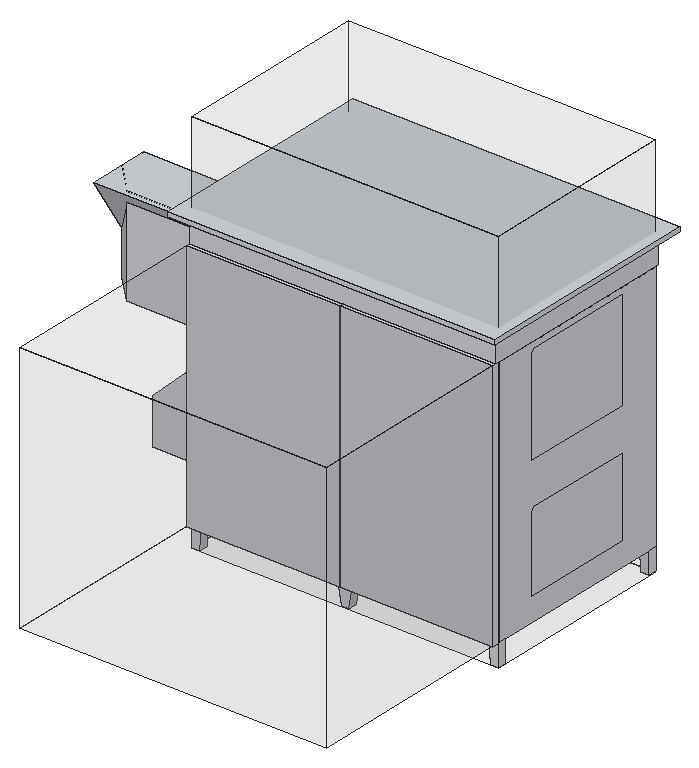
Revit family "AHU 3 _6", category Mechanické zařízení, Revit 2018
Family settings
  Kóta kulaté spojky = Použít průměr
  Typ dílu = Normální
  Číslo OmniClass = 23.75.00.00
  Nadpis OmniClass = Climate Control (HVAC)
  Založené na pracovní rovině = Ne
  Vždy vertikální = Ano
  Ořezat dutým tvarem při načtení = Ne
  Sdílené = Ne
  Bod výpočtu místnosti = Ne
Parameters (values of type "DUPLEXVENT Flexi (3G) DV6000 (RD5)")
  Width [instance] = 1.295 mm
  Weight [instance] = 615.00 kg
  URL = ""
  Type [instance] = "DUPLEXVENT Flexi (3G) DV6000 (RD5)"
  Total_SFP [instance] = 0
  Supply_outlet_hum [instance] = 25.2
  Supply_inlet_hum [instance] = 90
  Supply_ext_pressure [instance] = 200.0 Pa
  Supply_SFP [instance] = 0
  Source_adu_file [instance] = "C:\\\\Users\\\\dgavril\\\\OneDrive - Airflow Developments Ltd\\\\Desktop\\\\adu durley chine V4.adu"
  Recuperation_type [instance] = "Plate heat recovery exchanger"
  Recuperation_efficiency_EN308 [instance] = 82.5
  Project_name [instance] = "Durley Chine Passivhaus"
  Project_date [instance] = "13-08-2021"
  Power_supply_fusing [instance] = "0"
  Power_supply_cable [instance] = "0"
  Position [instance] = "AHU 3 "
  Phases_count [instance] = 3
  Panel_thickness [instance] = 0.06 mm
  Outer_surface [instance] = "RAL 9002"
  Length [instance] = 1.95 mm
  Insulation_type [instance] = "PUR"
  Insulation_thickness [instance] = 0.05 mm
  Installation_environment [instance] = ""
  Input_power_max [instance] = 6600 W
  Inner_surface [instance] = "Pozink"
  I2 [instance] = I1  # 0.0 L/s
  Height [instance] = 1.6 mm
  Exhaust_outlet_hum [instance] = 96.6
  Exhaust_inlet_hum [instance] = 40
  Exhaust_ext_pressure [instance] = 200.0 Pa
  Exhaust_SFP [instance] = 0
  E1 [instance] = E2 - M1  # 0.0 L/s
  E2 [instance] = 0.0 L/s
  I1 [instance] = 0.0 L/s
  Description = ""
  M1 [instance] = 0.0 L/s
  Device_dutypoint_version [instance] = "44"
  Device_design_version [instance] = "128"
  Device_adu_id [instance] = "6"
  Current_max [instance] = 10.8 A
  Casing_mat [instance] = "painted zinc layer"
  Cable type [instance] = "CYKY 5Jx2,5"
Reference planes
  plane 1 "Střed (vpředu/vzadu)": y = 0
  plane 2 "ref": z = 0
  plane 3 "Střed (vlevo/vpravo)": x = 0
Forms (mm)
  Sweep 1, solid
    path origin (0, 0, 0) x (0, 0, 1) y (1, 0, 0)
      loop
        line (0, 0) -> (1600, 0)
    profile origin (0, 0, 0) x (1, 0, 0) y (0, 1, 0)
      loop
        line (0, 0) -> (1950, 0) -> (1950, 1250) -> (0, 1250) -> (0, 0)
  Sweep 2, solid
    path origin (0, 0, 0) x (0, 0, 1) y (1, 0, 0)
      loop
        line (0, 0) -> (1600, 0)
    profile origin (0, 0, 0) x (1, 0, 0) y (0, 1, 0)
      loop
        line (0, 0) -> (0, -45) -> (1950, -45) -> (1950, 0) -> (0, 0)
  Sweep 3, solid
    path origin (-233, 980, 400) x (1, 0, 0) y (0, 1, 0)
      loop
        line (0, 0) -> (0, -710)
    profile origin (-233, 980, 400) x (1, 0, 0) y (0, 0, 1)
      loop
        line (233, 250) -> (-23, 250) -> (-233, 41) -> (-233, -250) -> (233, -250) -> (233, 250)
  Sweep 4, solid
    path origin (0, 0, 150) x (0, 0, 1) y (1, 0, 0)
      loop
        line (0, 0) -> (500, 0)
    profile origin (0, 0, 150) x (1, 0, 0) y (0, 1, 0)
      loop
        line (-1, 270) -> (0, 270) -> (0, 980) -> (-1, 980) -> (-1, 270)
  Sweep 5, solid
    path origin (1949, 625, 1240) x (1, 0, 0) y (0, 1, 0)
      loop
        line (0, 0) -> (1, 0)
    profile origin (1949, 625, 1240) x (0, 1, 0) y (0, 0, 1)
      loop
        line (-355, 315) -> (-355, -315) -> (355, -315) -> (355, 315) -> (-355, 315)
  Sweep 6, solid
    path origin (1949, 625, 400) x (1, 0, 0) y (0, 1, 0)
      loop
        line (0, 0) -> (1, 0)
    profile origin (1949, 625, 400) x (0, 1, 0) y (0, 0, 1)
      loop
        line (-355, 250) -> (-355, -250) -> (355, -250) -> (355, 250) -> (-355, 250)
  Sweep 7, solid
    path origin (-405, 625, 925) x (0, 0, 1) y (1, 0, 0)
      loop
        line (0, 0) -> (630, 0)
    profile origin (-405, 625, 925) x (1, 0, 0) y (0, 1, 0)
      loop
        line (405, 355) -> (203, 355) -> (203, -5) -> (-405, -5) -> (-405, -177) -> (-228, -355) -> (405, -355) -> (405, 355)
  Sweep 8, solid
    path origin (-203, 625, 1240) x (0, 1, 0) y (-1, 0, 0)
      loop
        line (0, 0) -> (0, 608)
    profile origin (-203, 625, 1240) x (0, -1, 0) y (0, 0, 1)
      loop
        line (-5, -315) -> (395, 315) -> (-5, 315) -> (-5, -315)
  Sweep 9, solid
    path origin (0, 0, 925) x (0, 0, 1) y (1, 0, 0)
      loop
        line (0, 0) -> (630, 0)
    profile origin (0, 0, 925) x (1, 0, 0) y (0, 1, 0)
      loop
        line (-1, 270) -> (0, 270) -> (0, 980) -> (-1, 980) -> (-1, 270)
  Sweep 10, solid
    path origin (0, 0, 1775) x (0, 0, 1) y (1, 0, 0)
      loop
        line (0, 0) -> (25, 0)
    profile origin (0, 0, 1775) x (1, 0, 0) y (0, 1, 0)
      loop
        line (-65, -110) -> (2015, -110) -> (2015, 1360) -> (-65, 1360) -> (-65, -110)
  Sweep 11, solid
    path origin (0, 0, 1600) x (0, 0, 1) y (1, 0, 0)
      loop
        line (0, 0) -> (175, 0)
    profile origin (0, 0, 1600) x (1, 0, 0) y (0, 1, 0)
      loop
        line (0, -22) -> (1950, -22) -> (1950, 1272) -> (0, 1272) -> (0, -22)
  Sweep 12, solid
    path origin (750, 662, 0) x (0, -1, 0) y (0, 0, 1)
      loop
        line (0, 0) -> (0, -30)
    profile origin (750, 662, 0) x (-1, 0, 0) y (0, -1, 0)
      loop
        circle (0, 0) r 16
  Sweep 13, solid, material "Servisní prostor"
    path origin (0, 0, 0) x (0, 0, 1) y (1, 0, 0)
      loop
        line (0, 0) -> (1600, 0)
    profile origin (0, 0, 0) x (1, 0, 0) y (0, 1, 0)
      loop
        line (0, -1370) -> (1950, -1370) -> (1950, -45) -> (0, -45) -> (0, -1370)
  Sweep 14, solid, material "Servisní prostor"
    path origin (0, 0, 1600) x (0, 0, 1) y (1, 0, 0)
      loop
        line (0, 0) -> (720, 0)
    profile origin (0, 0, 1600) x (1, 0, 0) y (0, 1, 0)
      loop
        line (0, 0) -> (1950, 0) -> (1950, 1250) -> (0, 1250) -> (0, 0)
  Sweep 15, solid, material "Servisní prostor"
    path origin (0, 0, -150) x (0, 0, 1) y (1, 0, 0)
      loop
        line (0, 0) -> (150, 0)
    profile origin (0, 0, -150) x (1, 0, 0) y (0, 1, 0)
      loop
        line (0, 1250) -> (0, 0) -> (1950, 0) -> (1950, 1250) -> (0, 1250)
  Sweep 16, solid
    path origin (0, 0, 0) x (0, 0, 1) y (1, 0, 0)
      loop
        line (0, 0) -> (1600, 0)
    profile origin (0, 0, 0) x (1, 0, 0) y (0, 1, 0)
      loop
        line (0, -45) -> (975, -45) -> (975, -5) -> (0, -5) -> (0, -45)
  Sweep 17, solid
    path origin (0, 0, 0) x (0, 0, 1) y (1, 0, 0)
      loop
        line (0, 0) -> (1600, 0)
    profile origin (0, 0, 0) x (1, 0, 0) y (0, 1, 0)
      loop
        line (975, -45) -> (1950, -45) -> (1950, -5) -> (975, -5) -> (975, -45)
  Sweep 18, solid
    path origin (25, 50, 0) x (1, 0, 0) y (0, 1, 0)
      loop
        line (0, 0) -> (0, -50)
    profile origin (25, 50, 0) x (1, 0, 0) y (0, 0, 1)
      loop
        line (-25, 0) -> (-25, -140) -> (25, -140) -> (35, 0) -> (-25, 0)
  Sweep 19, solid
    path origin (1925, 50, 0) x (1, 0, 0) y (0, 1, 0)
      loop
        line (0, 0) -> (0, -50)
    profile origin (1925, 50, 0) x (1, 0, 0) y (0, 0, 1)
      loop
        line (-35, 0) -> (-25, -140) -> (25, -140) -> (25, 0) -> (-35, 0)
  Sweep 20, solid
    path origin (25, 1250, 0) x (1, 0, 0) y (0, 1, 0)
      loop
        line (0, 0) -> (0, -50)
    profile origin (25, 1250, 0) x (1, 0, 0) y (0, 0, 1)
      loop
        line (-25, 0) -> (-25, -140) -> (25, -140) -> (35, 0) -> (-25, 0)
  Sweep 21, solid
    path origin (1925, 1250, 0) x (1, 0, 0) y (0, 1, 0)
      loop
        line (0, 0) -> (0, -50)
    profile origin (1925, 1250, 0) x (1, 0, 0) y (0, 0, 1)
      loop
        line (-35, 0) -> (-25, -140) -> (25, -140) -> (25, 0) -> (-35, 0)
  Sweep 22, solid
    path origin (975, 50, 0) x (1, 0, 0) y (0, 1, 0)
      loop
        line (0, 0) -> (0, -50)
    profile origin (975, 50, 0) x (1, 0, 0) y (0, 0, 1)
      loop
        line (-45, 0) -> (-25, -140) -> (25, -140) -> (45, 0) -> (-45, 0)
  Sweep 23, solid
    path origin (975, 1250, 0) x (1, 0, 0) y (0, 1, 0)
      loop
        line (0, 0) -> (0, -50)
    profile origin (975, 1250, 0) x (1, 0, 0) y (0, 0, 1)
      loop
        line (-45, 0) -> (-25, -140) -> (25, -140) -> (45, 0) -> (-45, 0)
  Sweep 24, solid
    path origin (0, 0, 1600) x (0, 0, 1) y (1, 0, 0)
      loop
        line (0, 0) -> (125, 0)
    profile origin (0, 0, 1600) x (1, 0, 0) y (0, 1, 0)
      loop
        line (650, 45) -> (1305, 45) -> (1305, 235) -> (650, 235) -> (650, 45)
  Sweep 25, solid
    path origin (650, 140, 1663) x (0, 0, -1) y (1, 0, 0)
      loop
        line (0, 0) -> (0, -1)
    profile origin (650, 140, 1663) x (0, 0, -1) y (0, -1, 0)
      loop
        circle (0, 0) r 10
Lines and regions (mm)
  model lines, style "Symbol"
    curve 1: line (1000, -45, 0) -> (1000, -45, 320)
    curve 2: line (1000, -45, 1600) -> (1000, -45, 1280)
    curve 3: line (0, -45, 800) -> (520, -45, 800)
    curve 4: line (1950, -45, 800) -> (1480, -45, 800)
    curve 5: line (520, -45, 800) -> (760, -45, 1280)
    curve 6: line (760, -45, 1280) -> (1240, -45, 1280)
    curve 7: line (1240, -45, 1280) -> (1480, -45, 800)
    curve 8: line (1480, -45, 800) -> (1240, -45, 320)
    curve 9: line (1240, -45, 320) -> (1000, -45, 320)
    curve 10: line (1000, -45, 320) -> (760, -45, 320)
    curve 11: line (760, -45, 320) -> (520, -45, 800)
    curve 12: line (1598, -45, 1314) -> (1854, -45, 1270)
    curve 13: line (1598, -45, 1086) -> (1854, -45, 1130)
    curve 14: line (352, -45, 1086) -> (96, -45, 1130)
    curve 15: line (352, -45, 1314) -> (96, -45, 1270)
    curve 16: line (175, -45, 160) -> (175, -45, 640)
    curve 17: line (175, -45, 640) -> (292, -45, 640)
    curve 18: line (292, -45, 640) -> (292, -45, 160)
    curve 19: line (292, -45, 160) -> (175, -45, 160)
    curve 20: line (234, -45, 160) -> (292, -45, 400)
    curve 21: line (234, -45, 640) -> (292, -45, 400)
    curve 22: line (1774, -45, 640) -> (1774, -45, 160)
    curve 23: line (1774, -45, 160) -> (1657, -45, 160)
    curve 24: line (1657, -45, 160) -> (1657, -45, 640)
    curve 25: line (1657, -45, 640) -> (1774, -45, 640)
    curve 26: line (1716, -45, 640) -> (1657, -45, 400)
    curve 27: line (1716, -45, 160) -> (1657, -45, 400)
    curve 28: line (673, -45, 280) -> (455, -45, 708)
    curve 29: line (455, -45, 708) -> (527, -45, 744)
    curve 30: line (527, -45, 744) -> (745, -45, 316)
    curve 31: line (745, -45, 316) -> (673, -45, 280)
    curve 32: line (542, -45, 554) -> (570, -45, 641)
    curve 33: line (630, -45, 383) -> (658, -45, 470)
    curve 34: line (0, -45, 0) -> (975, -45, 0)
    curve 35: line (0, -45, 1600) -> (975, -45, 1600)
    curve 36: line (0, -45, 0) -> (0, -45, 1600)
    curve 37: line (975, -45, 0) -> (975, -45, 1600)
    curve 38: line (0, -45, 0) -> (0, -5, 0)
    curve 39: line (975, -45, 0) -> (975, -5, 0)
    curve 40: line (0, -45, 1600) -> (0, -5, 1600)
    curve 41: line (975, -45, 1600) -> (975, -5, 1600)
    curve 42: line (975, -45, 0) -> (1950, -45, 0)
    curve 43: line (975, -45, 1600) -> (1950, -45, 1600)
    curve 44: line (975, -45, 0) -> (975, -45, 1600)
    curve 45: line (1950, -45, 0) -> (1950, -45, 1600)
    curve 46: line (975, -45, 0) -> (975, -5, 0)
    curve 47: line (1950, -45, 0) -> (1950, -5, 0)
    curve 48: line (975, -45, 1600) -> (975, -5, 1600)
    curve 49: line (1950, -45, 1600) -> (1950, -5, 1600)
    curve 50: circle (1710, -45, 1200) r 160 normal (0, -1, 0)
    curve 51: circle (240, -45, 1200) r 160 normal (0, -1, 0)
    curve 52: circle (556, -45, 598) r 12 normal (0, -1, 0)
    curve 53: circle (644, -45, 426) r 12 normal (0, -1, 0)
Dimensions and locks
  aligned and locked: level to plane 2 "ref"
Connectors
  hvac at (-0.5, 625, 650), driven by "E1"
    settings: on Sweep 4, index 1, duct flow 0.0 L/s, flow factor 0, pres drop 0.0 Pa, loss coef 0, conn angle 0.00°, conn width 10 mm, conn height 10 mm, conn diameter 609.6 mm, duct sys type 1, conn prof type 1, flow config 1, flow direction 1, loss method 0, conn ref index -1, conn util no, is conn primary yes, conn desc ""
  hvac at (1950, 625, 1240), driven by "E2"
    settings: on Sweep 5, index 2, duct flow 0.0 L/s, flow factor 1, pres drop 0.0 Pa, loss coef 0, conn angle 0.00°, conn width 710 mm, conn height 630 mm, conn diameter 609.6 mm, duct sys type 1, conn prof type 1, flow config 2, flow direction 2, loss method 0, conn ref index -1, conn util no, is conn primary no, conn desc ""
  hvac at (1950, 625, 400), driven by "I1"
    settings: on Sweep 6, index 3, duct flow 0.0 L/s, flow factor 1, pres drop 0.0 Pa, loss coef 0, conn angle 0.00°, conn width 710 mm, conn height 500 mm, conn diameter 609.6 mm, duct sys type 3, conn prof type 1, flow config 2, flow direction 1, loss method 0, conn ref index -1, conn util no, is conn primary no, conn desc ""
  hvac at (-0.5, 625, 1555), driven by "I2"
    settings: on Sweep 9, index 4, duct flow 0.0 L/s, flow factor 0, pres drop 0.0 Pa, loss coef 0, conn angle 0.00°, conn width 10 mm, conn height 10 mm, conn diameter 609.6 mm, duct sys type 3, conn prof type 1, flow config 1, flow direction 2, loss method 0, conn ref index -1, conn util no, is conn primary no, conn desc ""
  piping at (750, 662, -30), diameter 22
    settings: on Sweep 12, index 5, connector inside diameter 609.6 mm, connector length 0 mm, flow factor 0, pipe flow 0.0 L/s, pressure drop 0.0 Pa, fitting loss kfactor 0, connector angle 0.00°, fixture units 0, engagement length 0 mm, angle of deflection 0.00°, flow configuration 1, flow direction 2, fitting loss method 0, system type 16, joint type 0, gender type 0, connector reference index -1, connector utility 0, adjustable connector no, is connector primary yes, connector description ""
  electrical at (649, 140, 1663)
    settings: on Sweep 25, index 6, voltage 400 V, apparent load 0 VA, apparent load phase1 0 VA, apparent load phase2 0 VA, apparent load phase3 0 VA, power factor 1, load classification "Další", number of poles 3, system type 31, power factor state 1, is connector primary yes, connector utility no, sub classification motor no, connector description ""
